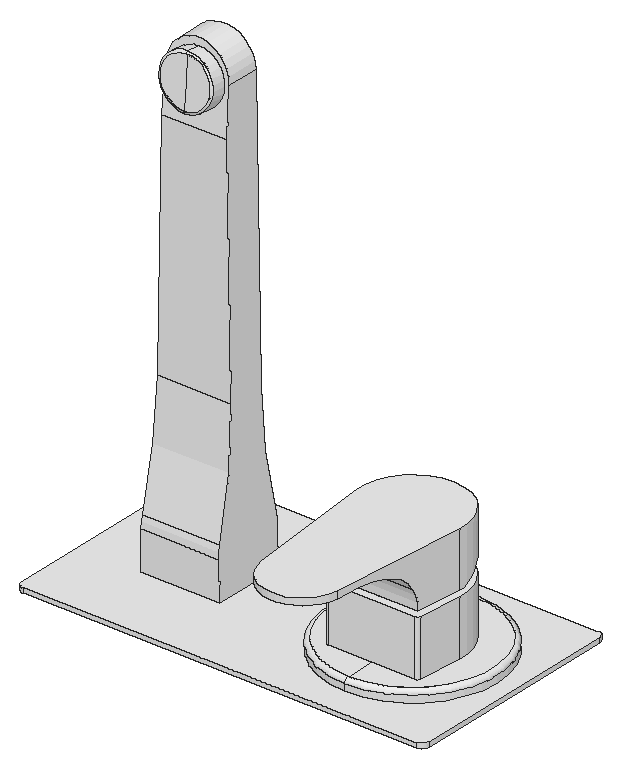
Revit family "Mixer-Bath-Dorf Viridian-Wall", category Plumbing Fixtures, host Face, Revit 2013
Parameters (values of type "Standard")
  Waste Connection = no
  Vent Connection = no
  URL = "http://www.dorf.com.au/"
  Type Comments = "Dorf Viridian Wall Bath Mixer"  # constant formula
  ModifiedIssue_ANZRS = 1  # constant formula
  Model = "811019C"  # constant formula
  Material_ANZRS = Metal-Chrome-Caroma
  Manufacturer = "GWA Bathrooms & Kitchens"  # constant formula
  HWFU = 4  # constant formula
  HW Connection = yes
  Description = ""
  Default Elevation = 500 mm
  CreatedBy_ANZRS = "Design Content"  # constant formula
  CreatedByURL_ANZRS = "www.designcontent.com.au"
  Cost = 0
  Connector Radius = 10 mm
  CWFU = 4  # constant formula
  CW Connection = yes
  Assembly Code = "C1030210"
Reference planes
  plane 1 "Center (Front/Back)": y = 0
  plane 2: z = 0
  plane 3 "Center (Left/Right)": x = 0
  plane 4 "Right": x = 90
  plane 5 "Left": x = -90
  plane 6 "Top": y = 50
  plane 7 "Bottom": y = -50
  plane 8 "Centre of Mixer": x = 45
  plane 9 "Centre of Outlet": x = -45
Forms (mm)
  Extrusion 1, solid, material "Metal-Chrome-Caroma" <- "Material_ANZRS"
    sketch origin (59.2, 0, 0) x (1, 0, 0) y (0, 1, 0)
      loop
        circle (-7.071, -7.071) r 10
    from -20 to 0
  Extrusion 2, solid, material "Metal-Chrome-Caroma" <- "Material_ANZRS"
    sketch origin (30.8, 0, 0) x (-1, 0, 0) y (0, -1, 0)
      loop
        circle (-7.071, -7.071) r 10
    from -20 to 0
  Extrusion 3, solid, material "Metal-Chrome-Caroma" <- "Material_ANZRS"
    sketch origin (45, 0, 0) x (1, 0, 0) y (0, 1, 0)
      loop
        arc (-20.591, -21.16) -> (-20.107, -22.127) -> (-19.097, -22.518) r 1.5
        line (-19.097, -22.518) -> (19.097, -22.518)
        arc (19.097, -22.518) -> (20.107, -22.127) -> (20.591, -21.16) r 1.5
        line (20.591, -21.16) -> (22.401, -2.131)
        arc (22.401, -2.131) -> (0, 22.502) -> (-22.401, -2.131) r 22.502
        line (-22.401, -2.131) -> (-20.591, -21.16)
    from 0 to 31.5
  Extrusion 4, solid, material "Metal-Chrome-Caroma" <- "Material_ANZRS"
    sketch origin (45, 0, -88.5) x (1, 0, 0) y (0, 1, 0)
      loop
        arc (-16.671, -62.37) -> (0, -77.531) -> (16.671, -62.37) r 16.746
        line (16.671, -62.37) -> (22.401, -2.131)
        arc (22.401, -2.131) -> (0, 22.502) -> (-22.401, -2.131) r 22.502
        line (-22.401, -2.131) -> (-16.671, -62.37)
    from 122.955 to 147.01
  Extrusion 5, void
    sketch origin (0, 0, -88.5) x (0, 1, 0) y (0, 0, 1)
      loop
        line (-81.813, 143.988) -> (-81.813, 120.502) -> (23.699, 120.502) -> (23.699, 132.824) -> (-2.325, 122.044) -> (-22.518, 122.044) -> (-22.518, 122.955)
        arc (-22.518, 122.955) -> (-23.182, 127.89) -> (-25.127, 132.473) r 18.667
        arc (-25.127, 132.473) -> (-28.218, 136.384) -> (-32.234, 139.336) r 18.667
        arc (-32.234, 139.336) -> (-41.472, 142.915) -> (-51.32, 143.988) r 38.061
        line (-51.32, 143.988) -> (-81.813, 143.988)
    from -100 to 100
  Revolve 6, solid, material "Metal-Chrome-Caroma" <- "Material_ANZRS"
    sketch origin (45, 0, -88.5) x (0, 1, 0) y (0, 0, 1)
      loop
        line (0, 120) -> (18.877, 120)
        arc (18.877, 120) -> (17.563, 125.206) -> (14.845, 129.837) r 19
        line (14.845, 129.837) -> (0, 129.837) -> (0, 120)
      axis (0, 129.837) -> (0, 120)
    angle from 0 to 360
  Extrusion 7, solid, material "Metal-Chrome-Caroma" <- "Material_ANZRS"
    sketch origin (0, 0, 0) x (1, 0, 0) y (0, 1, 0)
      loop
        arc (-90, -47) -> (-89.121, -49.121) -> (-87, -50) r 3
        line (-87, -50) -> (87, -50)
        arc (87, -50) -> (89.121, -49.121) -> (90, -47) r 3
        line (90, -47) -> (90, 47)
        arc (90, 47) -> (89.121, 49.121) -> (87, 50) r 3
        line (87, 50) -> (-87, 50)
        arc (-87, 50) -> (-89.121, 49.121) -> (-90, 47) r 3
        line (-90, 47) -> (-90, -47)
    from 0 to 2
  Revolve 8, solid, material "Metal-Chrome-Caroma" <- "Material_ANZRS"
    sketch origin (45, 0, 0) x (0, 1, 0) y (0, 0, 1)
      loop
        line (0, 2) -> (37.5, 2) -> (37.5, 5)
        arc (37.5, 5) -> (36.914, 6.414) -> (35.5, 7) r 2
        line (35.5, 7) -> (0, 7) -> (0, 2)
      axis (0, 7) -> (0, 2)
    angle from 0 to 360
  Extrusion 9, solid, material "Metal-Chrome-Caroma" <- "Material_ANZRS"
    sketch origin (-45, 0, 0) x (0, 1, 0) y (0, 0, 1)
      loop
        line (-16, 2) -> (16, 2) -> (16, 19.137)
        arc (16, 19.137) -> (15.823, 21.792) -> (15.295, 24.4) r 20
        arc (15.295, 24.4) -> (10.019, 50.465) -> (8.25, 77) r 199.884
        line (8.25, 77) -> (8.25, 221.888) -> (-4.647, 221.888) -> (-8.25, 180.71) -> (-8.25, 77)
        arc (-8.25, 77) -> (-10.019, 50.465) -> (-15.295, 24.4) r 199.884
        arc (-15.295, 24.4) -> (-15.823, 21.792) -> (-16, 19.137) r 20
        line (-16, 19.137) -> (-16, 2)
    from -17.5 to 17.5
  Extrusion 10, void
    sketch origin (0, 0, 0) x (1, 0, 0) y (0, 0, 1)
      loop
        line (-62.5, 2) -> (-27.5, 2) -> (-31.025, 201.269)
        arc (-31.025, 201.269) -> (-45, 214.999) -> (-58.975, 201.269) r 13.977
        line (-58.975, 201.269) -> (-62.5, 2)
      loop
        line (-17.755, 233.195) -> (-67.755, 233.195) -> (-67.755, -6.805) -> (-17.755, -6.805) -> (-17.755, 233.195)
    from -24.983 to 18.924
  Revolve 11, solid, material "Metal-Chrome-Caroma" <- "Material_ANZRS"
    sketch origin (-45, 0, 0) x (0, 1, 0) y (0, 0, 1)
      loop
        line (-7.608, 188.046) -> (-6.563, 199.989) -> (-13.039, 200.556) -> (-13.996, 189.609) -> (-13.508, 188.562) -> (-7.608, 188.046)
      axis (-6.563, 199.989) -> (-13.039, 200.556)
    angle from 0 to 360
Cuts and joins
  Extrusion 5 cuts Extrusion 4
  Extrusion 10 cuts Extrusion 9
  joined: Extrusion 3, Extrusion 4, Revolve 6, Extrusion 7, Revolve 8, Extrusion 9, Revolve 11
Lines and regions (mm)
  Masking region 1
    outline origin (0, 0, 0) x (1, 0, 0) y (0, 0, 1)
      loop
        line (-90, 0) -> (90, 0) -> (90, 2) -> (82.5, 2) -> (82.5, 5)
        arc (82.5, 5) -> (81.914, 6.414) -> (80.5, 7) r 2
        line (80.5, 7) -> (67.502, 7) -> (67.502, 31.5) -> (63.877, 31.5) -> (63.324, 34.455) -> (67.501, 34.455) -> (67.501, 58.51) -> (22.499, 58.51) -> (22.499, 34.455) -> (26.676, 34.455) -> (26.123, 31.5) -> (22.498, 31.5) -> (22.498, 7) -> (9.5, 7)
        arc (9.5, 7) -> (8.086, 6.414) -> (7.5, 5) r 2
        line (7.5, 5) -> (7.5, 2) -> (-27.5, 2) -> (-31.025, 201.269)
        arc (-31.025, 201.269) -> (-45, 214.999) -> (-58.975, 201.269) r 13.977
        line (-58.975, 201.269) -> (-62.5, 2) -> (-90, 2) -> (-90, 0)
  symbolic lines
    curve 1: line (22.599, -2.131, 0) -> (28.329, -62.37, 0)
    curve 2: line (61.671, -62.37, 0) -> (67.401, -2.131, 0)
    curve 3: line (67.501, 0, 34.455) -> (22.499, 0, 34.455)
    curve 4: spline (45, 0, 40.821) -> (47.256, 0, 40.767) -> (49.478, 0, 40.609) -> (51.632, 0, 40.347) -> (53.687, 0, 39.987) -> (55.61, 0, 39.533) -> (57.374, 0, 38.992) -> (58.951, 0, 38.372) -> (60.318, 0, 37.683) -> (61.454, 0, 36.936) -> (62.342, 0, 36.14) -> (62.969, 0, 35.309) -> (63.324, 0, 34.455)
    curve 5: spline (26.676, 0, 34.455) -> (27.031, 0, 35.309) -> (27.658, 0, 36.14) -> (28.546, 0, 36.936) -> (29.682, 0, 37.683) -> (31.049, 0, 38.372) -> (32.626, 0, 38.992) -> (34.39, 0, 39.533) -> (36.313, 0, 39.987) -> (38.368, 0, 40.347) -> (40.522, 0, 40.609) -> (42.744, 0, 40.767) -> (45, 0, 40.821)
    curve 6: line (67.502, 0, 31.5) -> (22.498, 0, 31.5)
    curve 7: line (80.5, 0, 7) -> (45, 0, 7)
    curve 8: line (45, 0, 7) -> (9.5, 0, 7)
    curve 9: line (90, 0, 2) -> (-90, 0, 2)
Dimensions and locks
  aligned and locked: plane 2 to host face
  aligned and locked: level to host face
Connectors
  piping at (52.129, -7.071, -20), driven by "Connector Radius", driven by "CWFU"
    settings: on Extrusion 1, index 3, connector radius 0.3937", flow factor 0, pipe flow 0 GPM, pressure drop 0.00 psi, fitting loss kfactor 0, connector angle 0.00°, fixture units 4, engagement length 0 mm, flow configuration 3, flow direction 1, fitting loss method 1, system type 20, joint type 0, gender type 0, connector reference index -1, connector utility 0, adjustable connector no, is connector primary yes, fitting loss table "Inward Projecting Pipe", connector description "Cold Inlet"
  piping at (37.871, 7.071, -20), driven by "Connector Radius", driven by "HWFU"
    settings: on Extrusion 2, index 4, connector radius 0.3937", flow factor 0, pipe flow 0 GPM, pressure drop 0.00 psi, fitting loss kfactor 0, connector angle 0.00°, fixture units 4, engagement length 0 mm, flow configuration 3, flow direction 1, fitting loss method 1, system type 19, joint type 0, gender type 0, connector reference index -1, connector utility 0, adjustable connector no, is connector primary no, fitting loss table "Inward Projecting Pipe", connector description "Hot Inlet"
